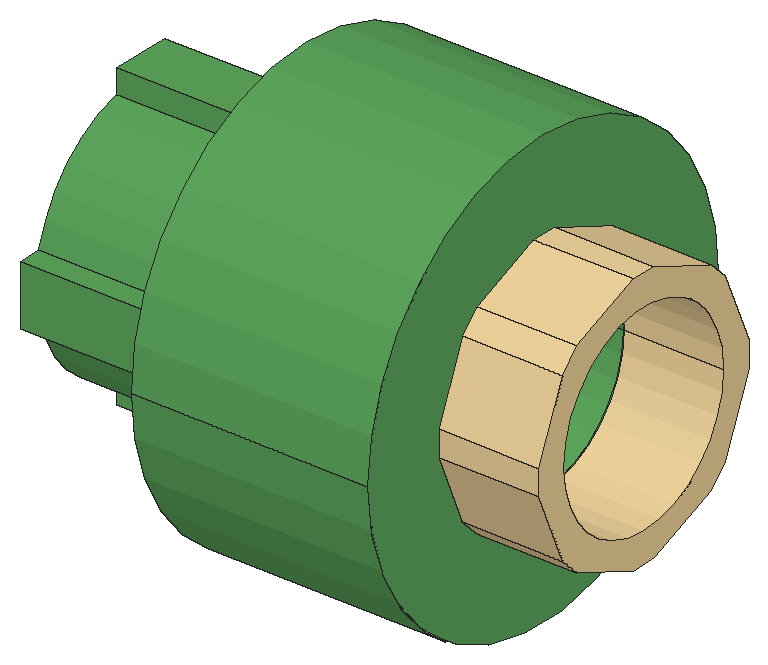
Revit family "Aquatherm_Переходник с внутренней резьбой_1", category Соединительные детали трубопроводов, Revit 2019
Family settings
  Размер круглого соединителя = Использовать диаметр
  Тип детали = Переход
  На основе рабочей плоскости = Нет
  Всегда вертикально = Да
  При загрузке вырезать с полостями = Нет
  Общий = Нет
Parameters (values of type "SDR 11")
  Нержавеющая сталь [instance] = not(Латунь)  # no
  Материал_Корпус_2 = AquaTherm латунь pipe
  Материал_Корпус = AquaTherm green pipe
  Латунь [instance] = yes
  z1 [instance] = size_lookup("Переходник с внутренней резьбой", "z1", 18 mm, d, R, lt)  # 10 mm
  z [instance] = size_lookup("Переходник с внутренней резьбой", "z", 18 mm, d, R, lt)  # 35.5 mm
  n [instance] = z  # 35.5 mm
  m [instance] = l  # 29 mm
  lt [instance] = if(Латунь, 1 mm, 0 mm)  # 1 mm
  d1 [instance] = R - 8 mm  # 12 mm
  URL = "www.agpipe.ru"
  l [instance] = size_lookup("Переходник с внутренней резьбой", "l", 18 mm, d, R, lt)  # 29 mm
  d [instance] = 20 mm
  SW' [instance] = SW - 1 mm  # 25 mm
  SW [instance] = if(d > R, size_lookup("Переходник с внутренней резьбой", "SW", 18 mm, d, R), R + 6 mm)  # 26 mm
  SDR = 11 mm
  R [instance] = 20 mm
  L [instance] = size_lookup("Переходник с внутренней резьбой", "L", 18 mm, d, R, lt)  # 50 mm
  D2 [instance] = D1 + 4 mm  # 30 mm
  D1 [instance] = d + 6 mm  # 26 mm
  D [instance] = size_lookup("Переходник с внутренней резьбой", "D", 18 mm, d, R, lt)  # 43.5 mm
  ADSK_Примечание = ""
  ADSK_Позиция [instance] = ""
  ADSK_Обозначение = ""
  ADSK_Наименование [instance] = size_lookup("Переходник с внутренней резьбой", "ADSK_Наименование", "Нет в каталоге", d, R, lt)  # "Переходник с внутренней резьбой DN20x3/4''"
  ADSK_Масса_Текст [instance] = size_lookup("Переходник с внутренней резьбой", "ADSK_Масса_Текст", "Нет в каталоге", d, R, lt)  # "0.112"
  ADSK_Код изделия [instance] = size_lookup("Переходник с внутренней резьбой", "ADSK_Код изделия", "Нет в каталоге", d, R, lt)  # "21110"
  ADSK_Завод-изготовитель [instance] = "Aquatherm"  # constant formula
  ADSK_Единица измерения = "шт."  # constant formula
  1 [instance] = 1 = 1  # yes
Types (5, lengths in mm): name | z1 | z | n | m | d1 | l | d | SW' | SW | SDR | R | L | D2 | D1 | D | ADSK_Наименование | ADSK_Масса_Текст | ADSK_Код изделия
  (no name) | 10 | 35.5 | 35.5 | 29 | 12 | 29 | 20 | 25 | 26 | 11 | 20 | 50 | 30 | 26 | 43.5 | "Переходник с внутренней резьбой DN20x3/4''" | "0.112" | "21110"
  SDR 6 | 15 | 46 | 46 | 51.5 | 32 | 51.5 | 63 | 54 | 55 | 6 | 40 | 73.5 | 73 | 69 | 84 | "Переходник с внутренней резьбой DN63x1 1/2''" | "0.442" | "21119"
  SDR 7.4 | 15 | 46 | 46 | 51.5 | 32 | 51.5 | 63 | 54 | 55 | 7.4 | 40 | 73.5 | 73 | 69 | 84 | "Переходник с внутренней резьбой DN63x1 1/2''" | "0.442" | "21119"
  SDR 9 | 15 | 46 | 46 | 51.5 | 32 | 51.5 | 63 | 54 | 55 | 9 | 40 | 73.5 | 73 | 69 | 84 | "Переходник с внутренней резьбой DN63x1 1/2''" | "0.442" | "21119"
  SDR 11 | 10 | 35.5 | 35.5 | 29 | 12 | 29 | 20 | 25 | 26 | 11 | 20 | 50 | 30 | 26 | 43.5 | "Переходник с внутренней резьбой DN20x3/4''" | "0.112" | "21110"
Reference planes
  plane 1 "По центру (Вперед/Назад)": y = 0
  plane 2: z = 0
  plane 3 "По центру (Влево/Вправо)": x = 0
  plane 4: x = -25
  plane 5: x = 25
  plane 6: x = -10.5
  plane 7: x = 4
  plane 8: x = 15
Forms (mm)
  Extrusion 1, solid, material "AquaTherm green pipe" <- "Материал_Корпус", visible <- "1"
    sketch origin (0, 0, 0) x (0, 1, 0) y (0, 0, 1)
      loop
        circle (0, 0) r 13
    from -25 to -8.55
  Extrusion 2, solid, material "AquaTherm green pipe" <- "Материал_Корпус", visible <- "1"
    sketch origin (0, 0, 0) x (0, 1, 0) y (0, 0, 1)
      loop
        circle (0, 0) r 21.75
    from -8.55 to 15
  Extrusion 3, solid, material "AquaTherm green pipe" <- "Материал_Корпус", visible <- "1"
    sketch origin (0, 0, 0) x (0, 1, 0) y (0, 0, 1)
      loop
        line (3, -15) -> (3, 15) -> (-3, 15) -> (-3, -15) -> (3, -15)
    from -25 to -8.55
  Extrusion 4, solid, material "AquaTherm green pipe" <- "Материал_Корпус", visible <- "1"
    sketch origin (0, 0, 0) x (0, 1, 0) y (0, 0, 1)
      loop
        line (-15, -3) -> (15, -3) -> (15, 3) -> (-15, 3) -> (-15, -3)
    from -25 to -8.55
  Extrusion 5, void
    sketch origin (0, 0, 0) x (0, 1, 0) y (0, 0, 1)
      loop
        circle (0, 0) r 10
    from 4 to 25
  Extrusion 6, void
    sketch origin (0, 0, 0) x (0, 1, 0) y (0, 0, 1)
      loop
        circle (0, 0) r 10
    from -25 to -8.55
  Extrusion 7, void
    sketch origin (0, 0, 0) x (0, 1, 0) y (0, 0, 1)
      loop
        circle (0, 0) r 6
    from -8.55 to 4
  Extrusion 8, solid, material "AquaTherm латунь pipe" <- "Материал_Корпус_2", visible <- "1"
    sketch origin (0, 0, 0) x (0, 1, 0) y (0, 0, 1)
      loop
        line (-5.385, 13) -> (-13, 5.385) -> (-13, -5.385) -> (-5.385, -13) -> (5.385, -13) -> (13, -5.385) -> (13, 5.385) -> (5.385, 13) -> (-5.385, 13)
      loop
        circle (0, 0) r 10
    from 15 to 25
  Extrusion 9, void
    sketch origin (0, 0, 0) x (0, 1, 0) y (0, 0, 1)
      loop
        line (0, 13.53) -> (-9.567, 9.567) -> (-13.53, 0) -> (-9.567, -9.567) -> (0, -13.53) -> (9.567, -9.567) -> (13.53, 0) -> (9.567, 9.567) -> (0, 13.53)
      loop
        circle (0, 0) r 43.5
    from 15 to 25
Cuts and joins
  Extrusion 6, Extrusion 7 cuts Extrusion 1
  Extrusion 6, Extrusion 7 cuts Extrusion 3
  Extrusion 6, Extrusion 7 cuts Extrusion 4
  joined: Extrusion 1, Extrusion 3, Extrusion 4
  Extrusion 5, Extrusion 6, Extrusion 7, Extrusion 9 cuts Extrusion 2
  Extrusion 9 cuts Extrusion 8
Lines and regions (mm)
  reference lines
    curve 1: line (-10.5, 0, 0) -> (4, 0, 0)
Dimensions and locks
  equal spacing: plane 4, plane 3 "По центру (Влево/Вправо)", plane 5
  "L": plane 4 to plane 5
  "n": plane 6 to plane 5
  "m": plane 4 to plane 7
  locked: plane 6 to Extrusion 1 at 1.95
  equal spacing: Extrusion 3 sketch curve, level, Extrusion 3 sketch curve
  "D2": Extrusion 3 sketch curve to Extrusion 3 sketch curve
  equal spacing: Extrusion 4 sketch curve, plane 1 "По центру (Вперед/Назад)", Extrusion 4 sketch curve
  "D2": Extrusion 4 sketch curve to Extrusion 4 sketch curve
  "z1": plane 8 to plane 5
  equal spacing: Extrusion 8 sketch curve, level, Extrusion 8 sketch curve
  "SW": Extrusion 8 sketch curve to Extrusion 8 sketch curve  (x4)
  equal spacing: Extrusion 8 sketch curve, plane 1 "По центру (Вперед/Назад)", Extrusion 8 sketch curve  (x3)
  equal spacing: Extrusion 9 sketch curve, plane 1 "По центру (Вперед/Назад)", Extrusion 9 sketch curve  (x4)
  "SW'": Extrusion 9 sketch curve to Extrusion 9 sketch curve  (x4)
  "D1": diameter of Extrusion 1 sketch curve
  "D": diameter of Extrusion 2 sketch curve
  "R": diameter of Extrusion 5 sketch curve
  "d": diameter of Extrusion 6 sketch curve
  "d1": diameter of Extrusion 7 sketch curve
  "D": radius of Extrusion 9 sketch curve
  "R": diameter of Extrusion 8 sketch curve
  locked: Extrusion 8 sketch curve to Extrusion 8 sketch curve (angle 135.00°)  (x4)
  locked: Extrusion 9 sketch curve to Extrusion 9 sketch curve (angle 135.00°)  (x4)
  aligned and locked: level to plane 2
  aligned and locked: Extrusion 1 to plane 4
  aligned and locked: Extrusion 2 to Extrusion 1
  aligned and locked: Extrusion 4 to plane 4
  aligned and locked: Extrusion 3 to plane 4
  aligned and locked: Extrusion 1 to Extrusion 3
  aligned and locked: Extrusion 4 to Extrusion 1
  aligned and locked: plane 5 to Extrusion 5
  aligned and locked: Extrusion 5 to plane 7
  aligned and locked: Extrusion 6 to plane 4
  aligned and locked: plane 7 to Extrusion 7
  aligned and locked: plane 8 to Extrusion 2
  aligned and locked: plane 5 to Extrusion 8
  aligned and locked: Extrusion 8 to plane 8
  aligned and locked: Extrusion 9 to plane 8
  aligned and locked: plane 5 to Extrusion 9
  aligned and locked: Extrusion 2 to Extrusion 7
  aligned and locked: plane 6 to curve 1
  aligned and locked: plane 7 to curve 1
  aligned and locked: Extrusion 6 to Extrusion 2
Automatic sketch dimensions
  plane 1 "По центру (Вперед/Назад)" to curve 1 = 0 mm
  Extrusion 1 sketch curve to level = 0 mm
  Extrusion 1 sketch curve to plane 1 "По центру (Вперед/Назад)" = 0 mm
  Extrusion 2 sketch curve to level = 0 mm
  Extrusion 2 sketch curve to plane 1 "По центру (Вперед/Назад)" = 0 mm
  plane 1 "По центру (Вперед/Назад)" to Extrusion 3 sketch curve = 3 mm
  Extrusion 3 sketch curve to plane 1 "По центру (Вперед/Назад)" = 3 mm
  Extrusion 4 sketch curve to level = 3 mm
  level to Extrusion 4 sketch curve = 3 mm
  Extrusion 5 sketch curve to level = 0 mm
  Extrusion 5 sketch curve to plane 1 "По центру (Вперед/Назад)" = 0 mm
  Extrusion 6 sketch curve to level = 0 mm
  Extrusion 6 sketch curve to plane 1 "По центру (Вперед/Назад)" = 0 mm
  Extrusion 7 sketch curve to level = 0 mm
  Extrusion 7 sketch curve to plane 1 "По центру (Вперед/Назад)" = 0 mm
  Extrusion 8 sketch curve to level = 0 mm
  Extrusion 8 sketch curve to plane 1 "По центру (Вперед/Назад)" = 0 mm
  Extrusion 9 sketch curve to plane 1 "По центру (Вперед/Назад)" = 0 mm  (x2)
  Extrusion 9 sketch curve to level = 0 mm  (x2)
Connectors
  piping at (-10.5, 0, 0), diameter 20, driven by "d"
    settings: on curve 1, index 1, connector inside diameter 609.6 mm, connector length 0 mm, flow factor 0, pipe flow 0.0 L/s, pressure drop 0.0 Pa, fitting loss kfactor 0, connector angle 0.00°, fixture units 0, engagement length 0 mm, angle of deflection 0.00°, flow configuration 0, flow direction 0, fitting loss method 0, system type 28, joint type 0, gender type 0, connector reference index 2, connector utility 0, adjustable connector no, is connector primary yes, connector description ""
  piping at (4, 0, 0), diameter 20, driven by "R"
    settings: on curve 1, index 2, connector inside diameter 609.6 mm, connector length 0 mm, flow factor 0, pipe flow 0.0 L/s, pressure drop 0.0 Pa, fitting loss kfactor 0, connector angle 0.00°, fixture units 0, engagement length 0 mm, angle of deflection 0.00°, flow configuration 0, flow direction 0, fitting loss method 0, system type 28, joint type 0, gender type 0, connector reference index 1, connector utility 0, adjustable connector no, is connector primary no, connector description ""
